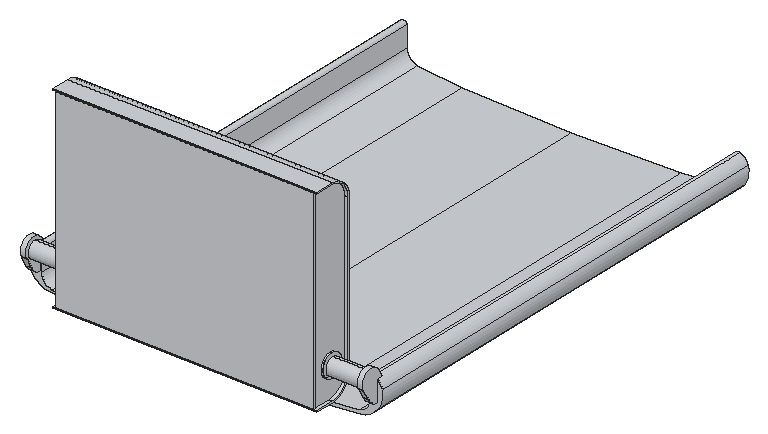
Revit family "3210 Bjørk Baby changing station", category Furniture Systems, host Wall, Revit 2018
Family settings
  Host = Wall
  Round Connector Dimension = Use Diameter
  Part Type = Normal
  Always vertical = Yes
  Cut with Voids When Loaded = No
  Shared = No
  Room Calculation Point = No
Parameters (values of type "Optional Ral color")
  URL = "http://www.dandryer.dk/da-dk/produkter/produktserie-%E2%80%93-bjork/3210-bjork-puslebord--valgfri-ral-farve"
  UP = not(Down)  # no
  Type Image = <None>
  Surface = none
  Model = "Björk-3210"
  Manufacturer = "Dan Dryer"
  Down = yes
  Description = "Baby changing table"
  Cost = 0
Reference planes
  plane 1 "Wall": y = 0
  plane 2 "Center (Left/Right)": x = 125
  plane 3 "Back": y = 75
Forms (mm)
  Extrusion 1, solid, not visible
    sketch origin (0, 0, 0) x (1, 0, 0) y (0, 1, 0)
      loop
        arc (42.212, 95.366) -> (42.426, 94.946) -> (42.5, 94.481) r 1.5
        line (42.5, 94.481) -> (42.5, 75.3) -> (43.7, 75.3) -> (43.7, 94.481)
        arc (43.7, 94.481) -> (43.567, 95.318) -> (43.181, 96.073) r 2.7
        arc (43.181, 96.073) -> (125, 257.1) -> (206.819, 96.073) r 101.3
        arc (206.819, 96.073) -> (206.433, 95.318) -> (206.3, 94.481) r 2.7
        line (206.3, 94.481) -> (206.3, 75.3) -> (207.5, 75.3) -> (207.5, 94.481)
        arc (207.5, 94.481) -> (207.574, 94.946) -> (207.788, 95.366) r 1.5
        arc (207.788, 95.366) -> (125, 258.3) -> (42.212, 95.366) r 102.5
    from 900 to 1230
  Extrusion 2, void, not visible
    sketch origin (207.5, 94.481, 0) x (0, 1, 0) y (0, 0, -1)
      loop
        line (-19.181, -1225) -> (-19.181, -1230) -> (6.154, -1230)
        arc (6.154, -1230) -> (3.068, -1228.36) -> (2.105, -1225) r 4.47
        line (2.105, -1225) -> (-19.181, -1225)
    from -10.952 to 170.161
  Extrusion 3, void, not visible
    sketch origin (207.5, 94.481, 2130) x (0, 1, 0) y (0, 0, -1)
      loop
        line (-19.181, 1225) -> (2.105, 1225)
        arc (2.105, 1225) -> (3.068, 1228.36) -> (6.154, 1230) r 4.47
        line (6.154, 1230) -> (-19.181, 1230) -> (-19.181, 1225)
    from -6 to 179.451
  Extrusion 4, solid, not visible
    sketch origin (207.5, 75.3, 907) x (0, 1, 0) y (-1, 0, 0)
      loop
        line (0, 163.8) -> (0, 1.2) -> (19.181, 1.2)
        arc (19.181, 1.2) -> (20.018, 1.067) -> (20.773, 0.681) r 2.7
        arc (20.773, 0.681) -> (181.8, 82.5) -> (20.773, 164.319) r 101.3
        arc (20.773, 164.319) -> (20.018, 163.933) -> (19.181, 163.8) r 2.7
        line (19.181, 163.8) -> (0, 163.8)
    from 0 to -2
  Extrusion 5, void, not visible
    sketch origin (206.3, 75.3, 0) x (-1, 0, 0) y (0, 0, 1)
      loop
        arc (83.312, 976) -> (81.303, 978.014) -> (79.288, 976) r 2.012
        line (79.288, 976) -> (79.285, 930)
        arc (79.285, 930) -> (81.297, 927.986) -> (83.312, 930) r 2.012
        line (83.312, 930) -> (83.312, 976)
    from 174.915 to 189.234
  Extrusion 6, solid, not visible
    sketch origin (206.3, 75.3, 0) x (1, 0, 0) y (0, 0, 1)
      loop
        line (-83.312, 975.984) -> (-83.312, 930)
        arc (-83.312, 930) -> (-81.291, 928.118) -> (-79.287, 930.016) r 2.015
        line (-79.287, 930.016) -> (-79.288, 976)
        arc (-79.288, 976) -> (-81.309, 977.882) -> (-83.312, 975.984) r 2.015
    from -182.98 to -174.915
  Extrusion 7, solid, material "RAL FARVE", not visible
    sketch origin (0, 0, 0) x (1, 0, 0) y (0, 1, 0)
      loop
        arc (42.212, 95.366) -> (42.426, 94.946) -> (42.5, 94.481) r 1.5
        line (42.5, 94.481) -> (42.5, 75.3) -> (43.7, 75.3) -> (43.7, 94.481)
        arc (43.7, 94.481) -> (43.567, 95.318) -> (43.181, 96.073) r 2.7
        arc (43.181, 96.073) -> (125, 257.1) -> (206.819, 96.073) r 101.3
        arc (206.819, 96.073) -> (206.433, 95.318) -> (206.3, 94.481) r 2.7
        line (206.3, 94.481) -> (206.3, 75.3) -> (207.5, 75.3) -> (207.5, 94.481)
        arc (207.5, 94.481) -> (207.574, 94.946) -> (207.788, 95.366) r 1.5
        arc (207.788, 95.366) -> (125, 258.3) -> (42.212, 95.366) r 102.5
    from 900 to 1230
Text (mm)
  text "Placement Side" at (-1848.837, 1116.779, 0), in view "Ref. Level"
  text "Placement side" at (0, 1409.804, 2854.306), in view "Left"
  text "Placement side" at (0, 499.811, 2980.732), in view "Right"
Dimensions and locks
  locked: plane 3 "Back" to host wall
  aligned and locked: plane 1 "Wall" to host wall
  aligned and locked: plane 3 "Back" to nested 1  (x2)
Nested families
  nested 1: "Master changing table" at (125, 75, 1050), type "Master changing table"
    with Table up no
Definition of nested family "Master changing table"
  Parameters (values of type "Master changing table")
    Table up = yes
    Table down = yes
    Surface = none
  Reference planes
    plane 1 "Center (Front/Back)": y = 0
    plane 2: z = 0
    plane 3 "Center (Left/Right)": x = 0
  Forms (mm)
    Extrusion 1, solid, material <- "Surface"
      sketch origin (205, 367.912, 256.022) x (0, 1, 0) y (0, 0, 1)
        loop
          line (-368.006, 0) -> (-368.006, -1.5) -> (-337.756, -1.5)
          arc (-337.756, -1.5) -> (-316.543, -10.287) -> (-307.756, -31.5) r 30
          line (-307.756, -31.5) -> (-307.756, -273.5)
          arc (-307.756, -273.5) -> (-316.543, -294.713) -> (-337.756, -303.5) r 30
          line (-337.756, -303.5) -> (-368.006, -303.5) -> (-368.006, -305) -> (-337.756, -305)
          arc (-337.756, -305) -> (-315.482, -295.774) -> (-306.256, -273.5) r 31.5
          line (-306.256, -273.5) -> (-306.256, -31.5)
          arc (-306.256, -31.5) -> (-315.482, -9.226) -> (-337.756, 0) r 31.5
          line (-337.756, 0) -> (-368.006, 0)
      from -410.457 to 0.457
    Extrusion 2, solid, material <- "Surface"
      sketch origin (-200, 30.056, 103.522) x (0, -1, 0) y (0, 0, 1)
        loop
          line (28.149, 150) -> (0.649, 150)
          arc (0.649, 150) -> (-20.564, 141.213) -> (-29.351, 120) r 30
          line (-29.351, 120) -> (-29.351, -120)
          arc (-29.351, -120) -> (-20.564, -141.213) -> (0.649, -150) r 30
          line (0.649, -150) -> (28.149, -150) -> (28.149, 150)
      from 0 to -1.5
    Extrusion 3, solid, material <- "Surface"
      sketch origin (200, 30.056, 103.522) x (0, -1, 0) y (0, 0, -1)
        loop
          line (28.149, -150) -> (28.149, 150) -> (0.649, 150)
          arc (0.649, 150) -> (-20.564, 141.213) -> (-29.351, 120) r 30
          line (-29.351, 120) -> (-29.351, -120)
          arc (-29.351, -120) -> (-20.564, -141.213) -> (0.649, -150) r 30
          line (0.649, -150) -> (28.149, -150)
      from 0 to -1.5
    Extrusion 4, solid, material <- "Surface", visible <- "Table down"
      sketch origin (0, 750.106, -53.254) x (-1, 0, 0) y (0, 0, 1)
        loop
          line (-255, 19.726) -> (-255, 51.373)
          arc (-255, 51.373) -> (-257.243, 55.544) -> (-261.96, 55.973) r 5
          arc (-261.96, 55.973) -> (-270.039, 50.067) -> (-274.685, 41.203) r 22.097
          arc (-274.685, 41.203) -> (-275.07, 26.076) -> (-268.731, 12.336) r 33.351
          arc (-268.731, 12.336) -> (-256.485, 1.616) -> (-241.13, -3.778) r 42.947
          arc (-241.13, -3.778) -> (-205.836, -8.031) -> (-170.362, -10.357) r 652.663
          arc (-170.362, -10.357) -> (-85.196, -12.728) -> (0, -13.33) r 4102.572
          arc (0, -13.33) -> (85.196, -12.728) -> (170.362, -10.357) r 4102.572
          arc (170.362, -10.357) -> (205.836, -8.031) -> (241.13, -3.778) r 652.663
          arc (241.13, -3.778) -> (256.485, 1.616) -> (268.731, 12.336) r 42.947
          arc (268.731, 12.336) -> (275.07, 26.076) -> (274.685, 41.203) r 33.351
          arc (274.685, 41.203) -> (270.039, 50.067) -> (261.96, 55.973) r 22.097
          arc (261.96, 55.973) -> (257.243, 55.544) -> (255, 51.373) r 5
          line (255, 51.373) -> (255, 19.726)
          arc (255, 19.726) -> (250.375, 7.3) -> (238.751, 0.923) r 19.004
          arc (238.751, 0.923) -> (204.558, -3.146) -> (170.196, -5.363) r 637.149
          arc (170.196, -5.363) -> (85.113, -7.758) -> (0, -8.582) r 4609.967
          arc (0, -8.582) -> (-85.113, -7.758) -> (-170.196, -5.363) r 4609.967
          arc (-170.196, -5.363) -> (-204.558, -3.146) -> (-238.751, 0.923) r 637.149
          arc (-238.751, 0.923) -> (-250.375, 7.3) -> (-255, 19.726) r 19.004
      from -709.566 to 0
    Extrusion 5, solid, material <- "Surface", visible <- "Table down"
      sketch origin (258, 29.906, 2.522) x (0, 0, 1) y (0, 1, 0)
        loop
          line (8.4, 14.549) -> (-2.6, 20.9)
          arc (-2.6, 20.9) -> (-4.503, 22.803) -> (-5.2, 25.403) r 5.2
          line (-5.2, 25.403) -> (-5.2, 41.674) -> (-6, 41.383) -> (-6, 177.6)
          arc (-6, 177.6) -> (-6.879, 179.721) -> (-9, 180.6) r 3
          line (-9, 180.6) -> (-33, 180.6)
          arc (-33, 180.6) -> (-35.121, 179.721) -> (-36, 177.6) r 3
          line (-36, 177.6) -> (-36, 30.464) -> (-36.8, 30.172) -> (-36.8, 16.166)
          arc (-36.8, 16.166) -> (-33.477, 3.766) -> (-24.4, -5.312) r 24.8
          line (-24.4, -5.312) -> (-8.4, -14.549)
          arc (-8.4, -14.549) -> (14.549, -8.4) -> (8.4, 14.549) r 16.8
      from -8 to 0
    Extrusion 6, solid, material <- "Surface", visible <- "Table down"
      sketch origin (-266, 29.906, 2.522) x (0, 0, 1) y (0, 1, 0)
        loop
          line (8.4, 14.549) -> (-2.6, 20.9)
          arc (-2.6, 20.9) -> (-4.503, 22.803) -> (-5.2, 25.403) r 5.2
          line (-5.2, 25.403) -> (-5.2, 41.674) -> (-6, 41.383) -> (-6, 177.6)
          arc (-6, 177.6) -> (-6.879, 179.721) -> (-9, 180.6) r 3
          line (-9, 180.6) -> (-33, 180.6)
          arc (-33, 180.6) -> (-35.121, 179.721) -> (-36, 177.6) r 3
          line (-36, 177.6) -> (-36, 30.464) -> (-36.8, 30.172) -> (-36.8, 16.166)
          arc (-36.8, 16.166) -> (-33.477, 3.766) -> (-24.4, -5.312) r 24.8
          line (-24.4, -5.312) -> (-8.4, -14.549)
          arc (-8.4, -14.549) -> (14.549, -8.4) -> (8.4, 14.549) r 16.8
      from -8 to 0
    Extrusion 7, solid, material <- "Surface"
      sketch origin (-258, 31.072, 1.856) x (0, 0, -1) y (0, 1, 0)
        loop
          circle (-0.065, 0.035) r 17.549
      from 53 to 462.5
    Extrusion 8, solid, material <- "Surface", visible <- "Table up"
      sketch origin (0, 85.702, 722.747) x (-1, 0, 0) y (0, -1, 0)
        loop
          line (-255, 19.726) -> (-255, 51.373)
          arc (-255, 51.373) -> (-257.243, 55.544) -> (-261.96, 55.973) r 5
          arc (-261.96, 55.973) -> (-270.039, 50.067) -> (-274.685, 41.203) r 22.097
          arc (-274.685, 41.203) -> (-275.07, 26.076) -> (-268.731, 12.336) r 33.351
          arc (-268.731, 12.336) -> (-256.485, 1.616) -> (-241.13, -3.778) r 42.947
          arc (-241.13, -3.778) -> (-205.836, -8.031) -> (-170.362, -10.357) r 652.663
          arc (-170.362, -10.357) -> (-85.196, -12.728) -> (0, -13.33) r 4102.572
          arc (0, -13.33) -> (85.196, -12.728) -> (170.362, -10.357) r 4102.572
          arc (170.362, -10.357) -> (205.836, -8.031) -> (241.13, -3.778) r 652.663
          arc (241.13, -3.778) -> (256.485, 1.616) -> (268.731, 12.336) r 42.947
          arc (268.731, 12.336) -> (275.07, 26.076) -> (274.685, 41.203) r 33.351
          arc (274.685, 41.203) -> (270.039, 50.067) -> (261.96, 55.973) r 22.097
          arc (261.96, 55.973) -> (257.243, 55.544) -> (255, 51.373) r 5
          line (255, 51.373) -> (255, 19.726)
          arc (255, 19.726) -> (250.375, 7.3) -> (238.751, 0.923) r 19.004
          arc (238.751, 0.923) -> (204.558, -3.146) -> (170.196, -5.363) r 637.149
          arc (170.196, -5.363) -> (85.113, -7.758) -> (0, -8.582) r 4609.967
          arc (0, -8.582) -> (-85.113, -7.758) -> (-170.196, -5.363) r 4609.967
          arc (-170.196, -5.363) -> (-204.558, -3.146) -> (-238.751, 0.923) r 637.149
          arc (-238.751, 0.923) -> (-250.375, 7.3) -> (-255, 19.726) r 19.004
      from -709.566 to 0
    Extrusion 9, solid, material <- "Surface", visible <- "Table up"
      sketch origin (258, 29.925, 2.547) x (0, -1, 0) y (0, 0, 1)
        loop
          line (8.4, 14.549) -> (-2.6, 20.9)
          arc (-2.6, 20.9) -> (-4.503, 22.803) -> (-5.2, 25.403) r 5.2
          line (-5.2, 25.403) -> (-5.2, 41.674) -> (-6, 41.383) -> (-6, 177.6)
          arc (-6, 177.6) -> (-6.879, 179.721) -> (-9, 180.6) r 3
          line (-9, 180.6) -> (-33, 180.6)
          arc (-33, 180.6) -> (-35.121, 179.721) -> (-36, 177.6) r 3
          line (-36, 177.6) -> (-36, 30.464) -> (-36.8, 30.172) -> (-36.8, 16.166)
          arc (-36.8, 16.166) -> (-33.477, 3.766) -> (-24.4, -5.312) r 24.8
          line (-24.4, -5.312) -> (-8.4, -14.549)
          arc (-8.4, -14.549) -> (14.549, -8.4) -> (8.4, 14.549) r 16.8
      from -8 to 0
    Extrusion 10, solid, material <- "Surface", visible <- "Table up"
      sketch origin (-266, 29.925, 2.547) x (0, -1, 0) y (0, 0, 1)
        loop
          line (8.4, 14.549) -> (-2.6, 20.9)
          arc (-2.6, 20.9) -> (-4.503, 22.803) -> (-5.2, 25.403) r 5.2
          line (-5.2, 25.403) -> (-5.2, 41.674) -> (-6, 41.383) -> (-6, 177.6)
          arc (-6, 177.6) -> (-6.879, 179.721) -> (-9, 180.6) r 3
          line (-9, 180.6) -> (-33, 180.6)
          arc (-33, 180.6) -> (-35.121, 179.721) -> (-36, 177.6) r 3
          line (-36, 177.6) -> (-36, 30.464) -> (-36.8, 30.172) -> (-36.8, 16.166)
          arc (-36.8, 16.166) -> (-33.477, 3.766) -> (-24.4, -5.312) r 24.8
          line (-24.4, -5.312) -> (-8.4, -14.549)
          arc (-8.4, -14.549) -> (14.549, -8.4) -> (8.4, 14.549) r 16.8
      from -8 to 0
    Extrusion 11, solid, material <- "Surface"
      sketch origin (-258, 30.572, 1.856) x (0, 0, -1) y (0, 1, 0)
        loop
          circle (-0.065, 0.035) r 13.035
      from 0 to 516
    Extrusion 12, solid, material <- "Surface"
      sketch origin (-258, 30.572, 1.856) x (0, 0, -1) y (0, 1, 0)
        loop
          circle (-0.065, 0.035) r 16.835
      from 54.88 to 461.953
    Extrusion 13, solid, material <- "Surface"
      sketch origin (-5125, -0.094, -947.478) x (-1, 0, 0) y (0, 0, 1)
        loop
          line (-5325, 1202) -> (-5325, 900) -> (-4925, 900) -> (-4925, 1202) -> (-5325, 1202)
      from 0 to 2
    Extrusion 14, solid, not visible
      sketch origin (-5000, 75, 0) x (-1, 0, 0) y (0, 0, 1)
        loop
          line (-5325, 1202) -> (-5325, 900) -> (-4925, 900) -> (-4925, 1202) -> (-5325, 1202)
      from 0 to 2
    Extrusion 15, solid, not visible
      sketch origin (330, 443.006, 1203.5) x (0, 1, 0) y (0, 0, 1)
        loop
          line (-368.006, 0) -> (-368.006, -1.5) -> (-337.756, -1.5)
          arc (-337.756, -1.5) -> (-316.543, -10.287) -> (-307.756, -31.5) r 30
          line (-307.756, -31.5) -> (-307.756, -273.5)
          arc (-307.756, -273.5) -> (-316.543, -294.713) -> (-337.756, -303.5) r 30
          line (-337.756, -303.5) -> (-368.006, -303.5) -> (-368.006, -305) -> (-337.756, -305)
          arc (-337.756, -305) -> (-315.482, -295.774) -> (-306.256, -273.5) r 31.5
          line (-306.256, -273.5) -> (-306.256, -31.5)
          arc (-306.256, -31.5) -> (-315.482, -9.226) -> (-337.756, 0) r 31.5
          line (-337.756, 0) -> (-368.006, 0)
      from -410.457 to 0.457
    Sweep 16, void, not visible
      path origin (330, 443.006, 1203.5) x (0, 1, 0) y (0, 0, 1)
        loop
          line (-368.006, -305) -> (-337.756, -305)
          arc (-337.756, -305) -> (-315.482, -295.774) -> (-306.256, -273.5) r 31.5
          line (-306.256, -273.5) -> (-306.256, -31.5)
          arc (-306.256, -31.5) -> (-315.482, -9.226) -> (-337.756, 0) r 31.5
          line (-337.756, 0) -> (-368.006, 0)
      profile origin (330, 90.125, 1203.5) x (0, 0, -1) y (1, 0, 0)
        loop
          line (0, 0.457) -> (0, -0.75)
          arc (0, -0.75) -> (0.75, 0) -> (1.5, -0.75) r 0.75
          line (1.5, -0.75) -> (1.5, 0.457) -> (0, 0.457)
    Sweep 17, void, not visible
      path origin (-80, 443.006, 1203.5) x (0, 1, 0) y (0, 0, -1)
        loop
          line (-368.006, 305) -> (-337.756, 305)
          arc (-337.756, 305) -> (-315.482, 295.774) -> (-306.256, 273.5) r 31.5
          line (-306.256, 273.5) -> (-306.256, 31.5)
          arc (-306.256, 31.5) -> (-315.482, 9.226) -> (-337.756, 0) r 31.5
          line (-337.756, 0) -> (-368.006, 0)
      profile origin (-80, 90.125, 1203.5) x (0, 0, 1) y (-1, 0, 0)
        loop
          line (0, 0.457) -> (-1.5, 0.457) -> (-1.5, -0.75)
          arc (-1.5, -0.75) -> (-0.75, 0) -> (0, -0.75) r 0.75
          line (0, -0.75) -> (0, 0.457)
    Extrusion 18, solid, not visible
      sketch origin (-75, 105.149, 1051) x (0, -1, 0) y (0, 0, 1)
        loop
          line (28.149, 150) -> (0.649, 150)
          arc (0.649, 150) -> (-20.564, 141.213) -> (-29.351, 120) r 30
          line (-29.351, 120) -> (-29.351, -120)
          arc (-29.351, -120) -> (-20.564, -141.213) -> (0.649, -150) r 30
          line (0.649, -150) -> (28.149, -150) -> (28.149, 150)
      from 0 to -1.5
    Extrusion 19, solid, not visible
      sketch origin (325, 105.149, 1051) x (0, -1, 0) y (0, 0, -1)
        loop
          line (28.149, -150) -> (28.149, 150) -> (0.649, 150)
          arc (0.649, 150) -> (-20.564, 141.213) -> (-29.351, 120) r 30
          line (-29.351, 120) -> (-29.351, -120)
          arc (-29.351, -120) -> (-20.564, -141.213) -> (0.649, -150) r 30
          line (0.649, -150) -> (28.149, -150)
      from 0 to -1.5
    Extrusion 20, void, not visible
      sketch origin (-75, 105.149, 1051) x (0, 1, 0) y (0, 0, 1)
        loop
          circle (-0.114, -100.935) r 17.549
      from 404.5 to -5
    Extrusion 21, solid, visible <- "Table down", not visible
      sketch origin (125, 825.199, 894.224) x (-1, 0, 0) y (0, 0, 1)
        loop
          line (-255, 19.726) -> (-255, 51.373)
          arc (-255, 51.373) -> (-257.243, 55.544) -> (-261.96, 55.973) r 5
          arc (-261.96, 55.973) -> (-270.039, 50.067) -> (-274.685, 41.203) r 22.097
          arc (-274.685, 41.203) -> (-275.07, 26.076) -> (-268.731, 12.336) r 33.351
          arc (-268.731, 12.336) -> (-256.485, 1.616) -> (-241.13, -3.778) r 42.947
          arc (-241.13, -3.778) -> (-205.836, -8.031) -> (-170.362, -10.357) r 652.663
          arc (-170.362, -10.357) -> (-85.196, -12.728) -> (0, -13.33) r 4102.572
          arc (0, -13.33) -> (85.196, -12.728) -> (170.362, -10.357) r 4102.572
          arc (170.362, -10.357) -> (205.836, -8.031) -> (241.13, -3.778) r 652.663
          arc (241.13, -3.778) -> (256.485, 1.616) -> (268.731, 12.336) r 42.947
          arc (268.731, 12.336) -> (275.07, 26.076) -> (274.685, 41.203) r 33.351
          arc (274.685, 41.203) -> (270.039, 50.067) -> (261.96, 55.973) r 22.097
          arc (261.96, 55.973) -> (257.243, 55.544) -> (255, 51.373) r 5
          line (255, 51.373) -> (255, 19.726)
          arc (255, 19.726) -> (250.375, 7.3) -> (238.751, 0.923) r 19.004
          arc (238.751, 0.923) -> (204.558, -3.146) -> (170.196, -5.363) r 637.149
          arc (170.196, -5.363) -> (85.113, -7.758) -> (0, -8.582) r 4609.967
          arc (0, -8.582) -> (-85.113, -7.758) -> (-170.196, -5.363) r 4609.967
          arc (-170.196, -5.363) -> (-204.558, -3.146) -> (-238.751, 0.923) r 637.149
          arc (-238.751, 0.923) -> (-250.375, 7.3) -> (-255, 19.726) r 19.004
      from -709.566 to 0
    Sweep 22, void, not visible
      path origin (125, 825.199, 894.224) x (-1, 0, 0) y (0, 0, 1)
        loop
          arc (-261.96, 55.973) -> (-270.039, 50.067) -> (-274.685, 41.203) r 22.097
          arc (-274.685, 41.203) -> (-275.07, 26.076) -> (-268.731, 12.336) r 33.351
          arc (-268.731, 12.336) -> (-256.485, 1.616) -> (-241.13, -3.778) r 42.947
          arc (-241.13, -3.778) -> (-205.836, -8.031) -> (-170.362, -10.357) r 652.663
          arc (-170.362, -10.357) -> (-85.196, -12.728) -> (0, -13.33) r 4102.572
          arc (0, -13.33) -> (85.196, -12.728) -> (170.362, -10.357) r 4102.572
          arc (170.362, -10.357) -> (205.836, -8.031) -> (241.13, -3.778) r 652.663
          arc (241.13, -3.778) -> (256.485, 1.616) -> (268.731, 12.336) r 42.947
          arc (268.731, 12.336) -> (275.07, 26.076) -> (274.685, 41.203) r 33.351
          arc (274.685, 41.203) -> (270.039, 50.067) -> (261.96, 55.973) r 22.097
          arc (261.96, 55.973) -> (257.243, 55.544) -> (255, 51.373) r 5
          line (255, 51.373) -> (255, 19.726)
          arc (255, 19.726) -> (250.375, 7.3) -> (238.751, 0.923) r 19.004
          arc (238.751, 0.923) -> (204.558, -3.146) -> (170.196, -5.363) r 637.149
          arc (170.196, -5.363) -> (85.113, -7.758) -> (0, -8.582) r 4609.967
          arc (0, -8.582) -> (-85.113, -7.758) -> (-170.196, -5.363) r 4609.967
          arc (-170.196, -5.363) -> (-204.558, -3.146) -> (-238.751, 0.923) r 637.149
          arc (-238.751, 0.923) -> (-250.375, 7.3) -> (-255, 19.726) r 19.004
          line (-255, 19.726) -> (-255, 51.373)
          arc (-255, 51.373) -> (-257.243, 55.544) -> (-261.96, 55.973) r 5
      profile origin (395.039, 825.199, 944.291) x (-0.757606, 0, -0.652712) y (0, 1, 0)
        loop
          arc (0, -1.006) -> (0.295, -0.295) -> (1.006, 0) r 1.006
          line (1.006, 0) -> (0, 0) -> (0, -1.006)
    Extrusion 23, void, not visible
      sketch origin (-141, 105, 950) x (0, 0, 1) y (0, 1, 0)
        loop
          line (-93.281, 10.633) -> (14.517, 10.633) -> (14.517, 49.868) -> (-93.281, 10.633)
      from -603.294 to 94
    Extrusion 24, solid, visible <- "Table down", not visible
      sketch origin (383, 105, 950) x (0, 0, 1) y (0, 1, 0)
        loop
          line (8.4, 14.549) -> (-2.6, 20.9)
          arc (-2.6, 20.9) -> (-4.503, 22.803) -> (-5.2, 25.403) r 5.2
          line (-5.2, 25.403) -> (-5.2, 41.674) -> (-6, 41.383) -> (-6, 177.6)
          arc (-6, 177.6) -> (-6.879, 179.721) -> (-9, 180.6) r 3
          line (-9, 180.6) -> (-33, 180.6)
          arc (-33, 180.6) -> (-35.121, 179.721) -> (-36, 177.6) r 3
          line (-36, 177.6) -> (-36, 30.464) -> (-36.8, 30.172) -> (-36.8, 16.166)
          arc (-36.8, 16.166) -> (-33.477, 3.766) -> (-24.4, -5.312) r 24.8
          line (-24.4, -5.312) -> (-8.4, -14.549)
          arc (-8.4, -14.549) -> (14.549, -8.4) -> (8.4, 14.549) r 16.8
      from -8 to 0
    Extrusion 25, solid, visible <- "Table down", not visible
      sketch origin (-141, 105, 950) x (0, 0, 1) y (0, 1, 0)
        loop
          line (8.4, 14.549) -> (-2.6, 20.9)
          arc (-2.6, 20.9) -> (-4.503, 22.803) -> (-5.2, 25.403) r 5.2
          line (-5.2, 25.403) -> (-5.2, 41.674) -> (-6, 41.383) -> (-6, 177.6)
          arc (-6, 177.6) -> (-6.879, 179.721) -> (-9, 180.6) r 3
          line (-9, 180.6) -> (-33, 180.6)
          arc (-33, 180.6) -> (-35.121, 179.721) -> (-36, 177.6) r 3
          line (-36, 177.6) -> (-36, 30.464) -> (-36.8, 30.172) -> (-36.8, 16.166)
          arc (-36.8, 16.166) -> (-33.477, 3.766) -> (-24.4, -5.312) r 24.8
          line (-24.4, -5.312) -> (-8.4, -14.549)
          arc (-8.4, -14.549) -> (14.549, -8.4) -> (8.4, 14.549) r 16.8
      from -8 to 0
    Extrusion 26, solid, not visible
      sketch origin (-133, 106.166, 949.334) x (0, 0, -1) y (0, 1, 0)
        loop
          circle (-0.065, 0.035) r 17.549
      from 53 to 462.5
    Extrusion 27, solid, visible <- "Table up", not visible
      sketch origin (125, 160.795, 1670.224) x (-1, 0, 0) y (0, -1, 0)
        loop
          line (-255, 19.726) -> (-255, 51.373)
          arc (-255, 51.373) -> (-257.243, 55.544) -> (-261.96, 55.973) r 5
          arc (-261.96, 55.973) -> (-270.039, 50.067) -> (-274.685, 41.203) r 22.097
          arc (-274.685, 41.203) -> (-275.07, 26.076) -> (-268.731, 12.336) r 33.351
          arc (-268.731, 12.336) -> (-256.485, 1.616) -> (-241.13, -3.778) r 42.947
          arc (-241.13, -3.778) -> (-205.836, -8.031) -> (-170.362, -10.357) r 652.663
          arc (-170.362, -10.357) -> (-85.196, -12.728) -> (0, -13.33) r 4102.572
          arc (0, -13.33) -> (85.196, -12.728) -> (170.362, -10.357) r 4102.572
          arc (170.362, -10.357) -> (205.836, -8.031) -> (241.13, -3.778) r 652.663
          arc (241.13, -3.778) -> (256.485, 1.616) -> (268.731, 12.336) r 42.947
          arc (268.731, 12.336) -> (275.07, 26.076) -> (274.685, 41.203) r 33.351
          arc (274.685, 41.203) -> (270.039, 50.067) -> (261.96, 55.973) r 22.097
          arc (261.96, 55.973) -> (257.243, 55.544) -> (255, 51.373) r 5
          line (255, 51.373) -> (255, 19.726)
          arc (255, 19.726) -> (250.375, 7.3) -> (238.751, 0.923) r 19.004
          arc (238.751, 0.923) -> (204.558, -3.146) -> (170.196, -5.363) r 637.149
          arc (170.196, -5.363) -> (85.113, -7.758) -> (0, -8.582) r 4609.967
          arc (0, -8.582) -> (-85.113, -7.758) -> (-170.196, -5.363) r 4609.967
          arc (-170.196, -5.363) -> (-204.558, -3.146) -> (-238.751, 0.923) r 637.149
          arc (-238.751, 0.923) -> (-250.375, 7.3) -> (-255, 19.726) r 19.004
      from -709.566 to 0
    Sweep 28, void, not visible
      path origin (125, 160.795, 1670.224) x (-1, 0, 0) y (0, -1, 0)
        loop
          arc (-261.96, 55.973) -> (-270.039, 50.067) -> (-274.685, 41.203) r 22.097
          arc (-274.685, 41.203) -> (-275.07, 26.076) -> (-268.731, 12.336) r 33.351
          arc (-268.731, 12.336) -> (-256.485, 1.616) -> (-241.13, -3.778) r 42.947
          arc (-241.13, -3.778) -> (-205.836, -8.031) -> (-170.362, -10.357) r 652.663
          arc (-170.362, -10.357) -> (-85.196, -12.728) -> (0, -13.33) r 4102.572
          arc (0, -13.33) -> (85.196, -12.728) -> (170.362, -10.357) r 4102.572
          arc (170.362, -10.357) -> (205.836, -8.031) -> (241.13, -3.778) r 652.663
          arc (241.13, -3.778) -> (256.485, 1.616) -> (268.731, 12.336) r 42.947
          arc (268.731, 12.336) -> (275.07, 26.076) -> (274.685, 41.203) r 33.351
          arc (274.685, 41.203) -> (270.039, 50.067) -> (261.96, 55.973) r 22.097
          arc (261.96, 55.973) -> (257.243, 55.544) -> (255, 51.373) r 5
          line (255, 51.373) -> (255, 19.726)
          arc (255, 19.726) -> (250.375, 7.3) -> (238.751, 0.923) r 19.004
          arc (238.751, 0.923) -> (204.558, -3.146) -> (170.196, -5.363) r 637.149
          arc (170.196, -5.363) -> (85.113, -7.758) -> (0, -8.582) r 4609.967
          arc (0, -8.582) -> (-85.113, -7.758) -> (-170.196, -5.363) r 4609.967
          arc (-170.196, -5.363) -> (-204.558, -3.146) -> (-238.751, 0.923) r 637.149
          arc (-238.751, 0.923) -> (-250.375, 7.3) -> (-255, 19.726) r 19.004
          line (-255, 19.726) -> (-255, 51.373)
          arc (-255, 51.373) -> (-257.243, 55.544) -> (-261.96, 55.973) r 5
      profile origin (395.039, 110.728, 1670.224) x (-0.757606, 0.652712, 0) y (0, 0, 1)
        loop
          arc (0, -1.006) -> (0.295, -0.295) -> (1.006, 0) r 1.006
          line (1.006, 0) -> (0, 0) -> (0, -1.006)
    Extrusion 29, void, not visible
      sketch origin (-141, 105.019, 950.025) x (0, -1, 0) y (0, 0, 1)
        loop
          line (-93.281, 10.633) -> (14.517, 10.633) -> (14.517, 49.868) -> (-93.281, 10.633)
      from -603.294 to 94
    Extrusion 30, solid, visible <- "Table up", not visible
      sketch origin (383, 105.019, 950.025) x (0, -1, 0) y (0, 0, 1)
        loop
          line (8.4, 14.549) -> (-2.6, 20.9)
          arc (-2.6, 20.9) -> (-4.503, 22.803) -> (-5.2, 25.403) r 5.2
          line (-5.2, 25.403) -> (-5.2, 41.674) -> (-6, 41.383) -> (-6, 177.6)
          arc (-6, 177.6) -> (-6.879, 179.721) -> (-9, 180.6) r 3
          line (-9, 180.6) -> (-33, 180.6)
          arc (-33, 180.6) -> (-35.121, 179.721) -> (-36, 177.6) r 3
          line (-36, 177.6) -> (-36, 30.464) -> (-36.8, 30.172) -> (-36.8, 16.166)
          arc (-36.8, 16.166) -> (-33.477, 3.766) -> (-24.4, -5.312) r 24.8
          line (-24.4, -5.312) -> (-8.4, -14.549)
          arc (-8.4, -14.549) -> (14.549, -8.4) -> (8.4, 14.549) r 16.8
      from -8 to 0
    Extrusion 31, solid, visible <- "Table up", not visible
      sketch origin (-141, 105.019, 950.025) x (0, -1, 0) y (0, 0, 1)
        loop
          line (8.4, 14.549) -> (-2.6, 20.9)
          arc (-2.6, 20.9) -> (-4.503, 22.803) -> (-5.2, 25.403) r 5.2
          line (-5.2, 25.403) -> (-5.2, 41.674) -> (-6, 41.383) -> (-6, 177.6)
          arc (-6, 177.6) -> (-6.879, 179.721) -> (-9, 180.6) r 3
          line (-9, 180.6) -> (-33, 180.6)
          arc (-33, 180.6) -> (-35.121, 179.721) -> (-36, 177.6) r 3
          line (-36, 177.6) -> (-36, 30.464) -> (-36.8, 30.172) -> (-36.8, 16.166)
          arc (-36.8, 16.166) -> (-33.477, 3.766) -> (-24.4, -5.312) r 24.8
          line (-24.4, -5.312) -> (-8.4, -14.549)
          arc (-8.4, -14.549) -> (14.549, -8.4) -> (8.4, 14.549) r 16.8
      from -8 to 0
    Extrusion 32, solid, not visible
      sketch origin (-133, 105.666, 949.334) x (0, 0, -1) y (0, 1, 0)
        loop
          circle (-0.065, 0.035) r 13.035
      from 0 to 516
    Extrusion 33, solid, not visible
      sketch origin (-133, 105.666, 949.334) x (0, 0, -1) y (0, 1, 0)
        loop
          circle (-0.065, 0.035) r 16.835
      from 54.88 to 461.953
  Lines and regions (mm)
    reference lines, not visible
      curve 1: line (125, 825.199, 1226.874) -> (125, 825.199, 885.642)
      curve 2: line (125, 419.974, 1670.224) -> (125, -185.026, 1670.224)
  Dimensions and locks
    locked: Extrusion 13 to Extrusion 13 at 2
    aligned and locked: level to plane 2
    aligned and locked: Extrusion 3 to Extrusion 13
